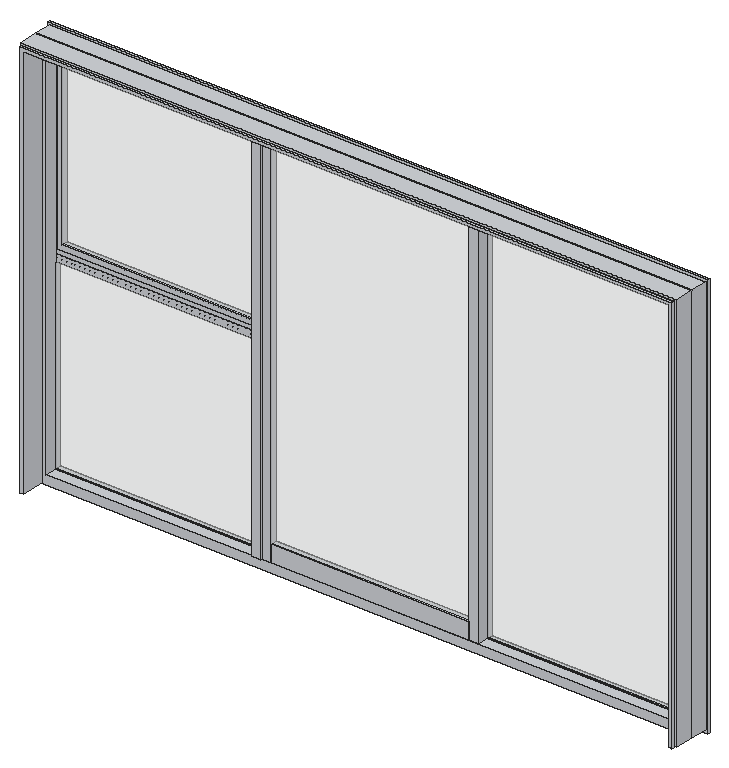
Revit family "APL Residential Thermal Heart Sliding Door FSF with Sidelight", category Doors, host Wall, Revit 2017 (continued)
Definition of nested family "APL Residential Thermal Heart Sliding Door FSF with Sidelight Horizontal Section"
  Definition of nested family "Three Panel Closer"
    Definition of nested family "65440_Closer"
      Lines and regions (mm)
        model lines, in view "Ref. Level"
          curve 550: line (82.538, 2.185, 0) -> (84.668, 1.51, 0)
          curve 551: line (84.668, 1.51, 0) -> (84.9, 1.5, 0)
          curve 552: line (85, 2.247, 0) -> (85, 5.475, 0)
          curve 553: line (85, 5.475, 0) -> (85.194, 6.25, 0)
          curve 554: line (85, 6.5, 0) -> (84.479, 6.5, 0)
          curve 555: line (84.479, 6.5, 0) -> (83.069, 5.691, 0)
          curve 556: line (82.5, 5.55, 0) -> (82.5, 7.123, 0)
          curve 557: line (82.5, 8.874, 0) -> (82.5, 10.449, 0)
          curve 558: line (83.069, 10.309, 0) -> (84.322, 9.544, 0)
          curve 559: line (84.322, 9.544, 0) -> (85, 9.5, 0)
          curve 560: line (85.194, 9.75, 0) -> (85.006, 10.475, 0)
          curve 561: line (85.006, 10.475, 0) -> (85, 13.736, 0)
          curve 562: arc (85, 13.753, 0) -> (85.026, 13.875, 0) -> (85.1, 13.976, 0) r 0.3
          curve 563: arc (70.2, 10.4, 0) -> (70.317, 10.117, 0) -> (70.6, 10, 0) r 0.4
          curve 564: arc (70.893, 10, 0) -> (70.996, 10.014, 0) -> (71.093, 10.054, 0) r 0.4
          curve 565: arc (72.621, 10.939, 0) -> (72.911, 11.059, 0) -> (73.222, 11.1, 0) r 1.2
          curve 566: arc (74.145, 11.1, 0) -> (74.718, 11.281, 0) -> (75.084, 11.758, 0) r 1
          curve 567: arc (75.877, 13.937, 0) -> (76.024, 14.128, 0) -> (76.253, 14.2, 0) r 0.4
          curve 568: arc (78.947, 14.2, 0) -> (79.176, 14.128, 0) -> (79.323, 13.937, 0) r 0.4
          curve 569: arc (80.116, 11.758, 0) -> (80.482, 11.281, 0) -> (81.055, 11.1, 0) r 1
          curve 570: arc (81.978, 11.1, 0) -> (82.289, 11.059, 0) -> (82.579, 10.939, 0) r 1.2
          curve 571: arc (84.107, 10.054, 0) -> (84.204, 10.014, 0) -> (84.307, 10, 0) r 0.4
          curve 572: arc (84.6, 10, 0) -> (84.883, 10.117, 0) -> (85, 10.4, 0) r 0.4
          curve 573: arc (85, 13.8, 0) -> (84.883, 14.083, 0) -> (84.6, 14.2, 0) r 0.4
          curve 574: arc (84.307, 14.2, 0) -> (84.204, 14.186, 0) -> (84.107, 14.146, 0) r 0.4
          curve 575: arc (82.579, 13.262, 0) -> (82.285, 13.14, 0) -> (81.97, 13.1, 0) r 1.2
          curve 576: arc (81.97, 13.1, 0) -> (81.795, 13.153, 0) -> (81.684, 13.298, 0) r 0.3
          curve 577: arc (80.796, 15.737, 0) -> (80.649, 15.928, 0) -> (80.42, 16, 0) r 0.4
          curve 578: arc (74.78, 16, 0) -> (74.551, 15.928, 0) -> (74.404, 15.737, 0) r 0.4
          curve 579: arc (73.516, 13.298, 0) -> (73.405, 13.153, 0) -> (73.23, 13.1, 0) r 0.3
          curve 580: arc (73.23, 13.1, 0) -> (72.915, 13.14, 0) -> (72.621, 13.262, 0) r 1.2
          curve 581: arc (71.093, 14.146, 0) -> (70.996, 14.186, 0) -> (70.893, 14.2, 0) r 0.4
          curve 582: arc (70.6, 14.2, 0) -> (70.317, 14.083, 0) -> (70.2, 13.8, 0) r 0.4
          curve 583: line (70.6, 10, 0) -> (70.893, 10, 0)
          curve 584: line (71.093, 10.054, 0) -> (72.621, 10.939, 0)
          curve 585: line (73.222, 11.1, 0) -> (74.145, 11.1, 0)
          curve 586: line (75.084, 11.758, 0) -> (75.877, 13.937, 0)
          curve 587: line (76.253, 14.2, 0) -> (78.947, 14.2, 0)
          curve 588: line (79.323, 13.937, 0) -> (80.116, 11.758, 0)
          curve 589: line (81.055, 11.1, 0) -> (81.978, 11.1, 0)
          curve 590: line (82.579, 10.939, 0) -> (84.107, 10.054, 0)
          curve 591: line (84.307, 10, 0) -> (84.6, 10, 0)
          curve 592: line (85, 10.4, 0) -> (85, 13.8, 0)
          curve 593: line (84.6, 14.2, 0) -> (84.307, 14.2, 0)
          curve 594: line (84.107, 14.146, 0) -> (82.579, 13.262, 0)
          curve 595: line (81.684, 13.298, 0) -> (80.796, 15.737, 0)
          curve 596: line (80.42, 16, 0) -> (74.78, 16, 0)
          curve 597: line (74.404, 15.737, 0) -> (73.516, 13.298, 0)
          curve 598: line (72.621, 13.262, 0) -> (71.093, 14.146, 0)
          curve 599: line (70.893, 14.2, 0) -> (70.6, 14.2, 0)
          curve 600: line (70.2, 13.8, 0) -> (70.2, 10.4, 0)
      Text (mm)
        text "65440" at (74.78, 42.459, 0), in view "Ref. Level"
    Definition of nested family "65575_Threshold"
      Reference planes
        plane 1 "Center (Front/Back)": y = 0
        plane 2: z = 0
        plane 3 "Center (Left/Right)": x = 0
      Lines and regions (mm)
        detail lines, in view "Ref. Level"
          curve 1: arc (0.123, 1.385, 0) -> (0.034, 1.312, 0) -> (0, 1.2, 0) r 0.2
          curve 2: arc (0, 0.2, 0) -> (0.059, 0.059, 0) -> (0.2, 0, 0) r 0.2
          curve 3: arc (1.987, -0.473, 0) -> (2.044, -0.588, 0) -> (2.019, -0.715, 0) r 0.2
          curve 4: arc (1.788, -1.112, 0) -> (1.916, -1.591, 0) -> (2.394, -1.463, 0) r 0.35
          curve 5: arc (2.779, -0.797, 0) -> (2.842, -0.484, 0) -> (2.701, -0.197, 0) r 0.497
          curve 6: arc (2.033, 0.47, 0) -> (1.979, 0.65, 0) -> (2.098, 0.796, 0) r 0.2
          curve 7: arc (41.094, 16.949, 0) -> (41.282, 16.93, 0) -> (41.37, 16.764, 0) r 0.2
          curve 8: arc (41.37, 12.481, 0) -> (41.586, 11.578, 0) -> (42.188, 10.869, 0) r 2
          curve 9: arc (42.188, 10.869, 0) -> (43.515, 8.691, 0) -> (42.924, 6.21, 0) r 3.35
          curve 10: arc (42.924, 6.21, 0) -> (43.038, 5.512, 0) -> (43.736, 5.625, 0) r 0.5
          curve 11: arc (43.736, 5.625, 0) -> (44.503, 8.847, 0) -> (42.779, 11.675, 0) r 4.35
          curve 12: arc (42.779, 11.675, 0) -> (42.478, 12.03, 0) -> (42.37, 12.481, 0) r 1
          curve 13: arc (42.37, 18.585, 0) -> (42.282, 18.751, 0) -> (42.094, 18.77, 0) r 0.2
          curve 14: line (0, 1.2, 0) -> (0, 0.2, 0)
          curve 15: line (0.2, 0, 0) -> (1.431, 0, 0)
          curve 16: line (1.573, -0.059, 0) -> (1.987, -0.473, 0)
          curve 17: line (2.019, -0.715, 0) -> (1.788, -1.112, 0)
          curve 18: line (2.394, -1.463, 0) -> (2.779, -0.797, 0)
          curve 19: line (2.701, -0.197, 0) -> (2.033, 0.47, 0)
          curve 20: line (2.098, 0.796, 0) -> (41.094, 16.949, 0)
          curve 21: line (41.37, 16.764, 0) -> (41.37, 12.481, 0)
          curve 22: line (42.37, 12.481, 0) -> (42.37, 18.585, 0)
          curve 23: line (42.094, 18.77, 0) -> (0.123, 1.385, 0)
      Text (mm)
        text "65575" at (6.848, 22.344, 0), in view "Ref. Level"
    Definition of nested family "65656_Infill"
      Reference planes
        plane 1 "Center (Front/Back)": y = 0
        plane 2: z = 0
        plane 3 "Center (Left/Right)": x = 0
      Lines and regions (mm)
        model lines, in view "Ref. Level"
          curve 1: arc (33.343, 0, 0) -> (33.487, -0.061, 0) -> (33.543, -0.207, 0) r 0.2
          curve 2: arc (33.336, -6.121, 0) -> (32.512, -6.899, 0) -> (31.737, -6.072, 0) r 0.8
          curve 3: arc (31.875, -2.117, 0) -> (31.735, -1.753, 0) -> (31.375, -1.6, 0) r 0.5
          curve 4: arc (-31.375, -1.6, 0) -> (-31.735, -1.753, 0) -> (-31.875, -2.117, 0) r 0.5
          curve 5: arc (-31.737, -6.072, 0) -> (-32.509, -6.899, 0) -> (-33.336, -6.128, 0) r 0.8
          curve 6: arc (-33.543, -0.207, 0) -> (-33.487, -0.061, 0) -> (-33.343, 0, 0) r 0.2
          curve 7: line (33.543, -0.207, 0) -> (33.336, -6.121, 0)
          curve 8: line (31.737, -6.072, 0) -> (31.875, -2.117, 0)
          curve 9: line (31.375, -1.6, 0) -> (-31.375, -1.6, 0)
          curve 10: line (-31.875, -2.117, 0) -> (-31.737, -6.072, 0)
          curve 11: line (-33.336, -6.128, 0) -> (-33.543, -0.207, 0)
          curve 12: line (-33.343, 0, 0) -> (33.343, 0, 0)
      Text (mm)
        text "65656" at (7.421, 15.177, 0), in view "Ref. Level"
    Definition of nested family "65520_Lock Stile"
      Reference planes
        plane 1 "Center (Front/Back)": y = 0
        plane 2: z = 0
        plane 3 "Center (Left/Right)": x = 0
      Lines and regions (mm)
        model lines, in view "Ref. Level"
          curve 1: arc (64.617, -36.001, 0) -> (64.992, -35.626, 0) -> (64.617, -35.251, 0) r 0.375
          curve 2: arc (64.242, -32, 0) -> (64.184, -31.859, 0) -> (64.042, -31.8, 0) r 0.2
          curve 3: arc (62.612, -31.8, 0) -> (62.471, -31.859, 0) -> (62.412, -32, 0) r 0.2
          curve 4: arc (62.412, -32.6, 0) -> (62.471, -32.741, 0) -> (62.612, -32.8, 0) r 0.2
          curve 5: arc (62.962, -32.8, 0) -> (63.104, -32.859, 0) -> (63.162, -33, 0) r 0.2
          curve 6: arc (63.162, -33.6, 0) -> (63.104, -33.741, 0) -> (62.962, -33.8, 0) r 0.2
          curve 7: arc (62.612, -33.8, 0) -> (62.471, -33.859, 0) -> (62.412, -34, 0) r 0.2
          curve 8: arc (62.412, -34.301, 0) -> (62.266, -34.655, 0) -> (61.912, -34.801, 0) r 0.5
          curve 9: arc (60.912, -34.801, 0) -> (60.559, -34.655, 0) -> (60.412, -34.301, 0) r 0.5
          curve 10: arc (60.412, -34, 0) -> (60.354, -33.859, 0) -> (60.212, -33.8, 0) r 0.2
          curve 11: arc (59.862, -33.8, 0) -> (59.721, -33.741, 0) -> (59.662, -33.6, 0) r 0.2
          curve 12: arc (59.662, -33, 0) -> (59.721, -32.859, 0) -> (59.862, -32.8, 0) r 0.2
          curve 13: arc (60.212, -32.8, 0) -> (60.354, -32.741, 0) -> (60.412, -32.6, 0) r 0.2
          curve 14: arc (60.412, -32, 0) -> (60.354, -31.859, 0) -> (60.212, -31.8, 0) r 0.2
          curve 15: arc (57.112, -31.8, 0) -> (56.971, -31.859, 0) -> (56.912, -32, 0) r 0.2
          curve 16: arc (56.912, -32.6, 0) -> (56.971, -32.741, 0) -> (57.112, -32.8, 0) r 0.2
          curve 17: arc (57.862, -32.8, 0) -> (58.216, -32.946, 0) -> (58.362, -33.3, 0) r 0.5
          curve 18: arc (58.362, -33.701, 0) -> (58.216, -34.054, 0) -> (57.862, -34.201, 0) r 0.5
          curve 19: arc (45.74, -34.2, 0) -> (45.386, -34.054, 0) -> (45.24, -33.7, 0) r 0.5
          curve 20: arc (45.24, -31.883, 0) -> (45.041, -31.578, 0) -> (45.283, -31.305, 0) r 0.3
          curve 21: arc (45.283, -31.305, 0) -> (45.421, -31.239, 0) -> (45.508, -31.113, 0) r 0.3
          curve 22: arc (46.022, -29.703, 0) -> (45.978, -29.417, 0) -> (45.714, -29.301, 0) r 0.3
          curve 23: arc (43.348, -29.508, 0) -> (43.248, -29.535, 0) -> (43.162, -29.595, 0) r 0.3
          curve 24: arc (42.799, -29.959, 0) -> (42.747, -30.152, 0) -> (42.888, -30.293, 0) r 0.2
          curve 25: arc (43.056, -30.338, 0) -> (43.145, -30.39, 0) -> (43.197, -30.479, 0) r 0.2
          curve 26: arc (43.74, -32.7, 0) -> (43.547, -32.98, 0) -> (43.216, -32.9, 0) r 0.3
          curve 27: arc (43.216, -32.9, 0) -> (43.115, -32.826, 0) -> (42.993, -32.8, 0) r 0.3
          curve 28: arc (38.99, -32.994, 0) -> (38.818, -32.958, 0) -> (38.74, -32.8, 0) r 0.2
          curve 29: arc (38.74, -32.279, 0) -> (38.751, -32.198, 0) -> (38.784, -32.122, 0) r 0.3
          curve 30: arc (39.549, -30.869, 0) -> (39.719, -30.872, 0) -> (39.851, -30.766, 0) r 0.25
          curve 31: arc (39.903, -30.68, 0) -> (39.908, -30.428, 0) -> (39.69, -30.3, 0) r 0.25
          curve 32: arc (37.951, -30.3, 0) -> (37.706, -30.364, 0) -> (37.524, -30.539, 0) r 0.5
          curve 33: arc (36.913, -31.54, 0) -> (36.859, -31.666, 0) -> (36.84, -31.801, 0) r 0.5
          curve 34: arc (36.84, -33.597, 0) -> (36.695, -33.952, 0) -> (36.34, -34.099, 0) r 0.5
          curve 35: arc (8.6, -34.099, 0) -> (8.459, -34.04, 0) -> (8.4, -33.899, 0) r 0.2
          curve 36: arc (8.4, -32.953, 0) -> (8.382, -32.817, 0) -> (8.327, -32.69, 0) r 0.5
          curve 37: arc (7.716, -31.689, 0) -> (7.534, -31.514, 0) -> (7.289, -31.45, 0) r 0.5
          curve 38: arc (5.55, -31.45, 0) -> (5.332, -31.577, 0) -> (5.337, -31.83, 0) r 0.25
          curve 39: arc (5.389, -31.916, 0) -> (5.521, -32.022, 0) -> (5.691, -32.019, 0) r 0.25
          curve 40: arc (6.456, -33.272, 0) -> (6.489, -33.348, 0) -> (6.5, -33.429, 0) r 0.3
          curve 41: arc (6.5, -33.95, 0) -> (6.422, -34.108, 0) -> (6.25, -34.144, 0) r 0.2
          curve 42: arc (2.247, -33.95, 0) -> (2.125, -33.976, 0) -> (2.024, -34.05, 0) r 0.3
          curve 43: arc (2.024, -34.05, 0) -> (1.693, -34.13, 0) -> (1.5, -33.85, 0) r 0.3
          curve 44: arc (2.043, -31.629, 0) -> (2.095, -31.54, 0) -> (2.184, -31.488, 0) r 0.2
          curve 45: arc (2.352, -31.443, 0) -> (2.493, -31.302, 0) -> (2.441, -31.109, 0) r 0.2
          curve 46: arc (2.078, -30.745, 0) -> (1.992, -30.685, 0) -> (1.892, -30.658, 0) r 0.3
          curve 47: arc (-0.474, -30.451, 0) -> (-0.738, -30.567, 0) -> (-0.782, -30.853, 0) r 0.3
          curve 48: arc (-0.268, -32.263, 0) -> (-0.181, -32.389, 0) -> (-0.043, -32.455, 0) r 0.3
          curve 49: arc (-0.043, -32.455, 0) -> (0.199, -32.728, 0) -> (0, -33.033, 0) r 0.3
          curve 50: arc (-3.076, -33.033, 0) -> (-3.524, -33.31, 0) -> (-3.475, -33.834, 0) r 0.5
          curve 51: arc (-3.475, -33.834, 0) -> (-2.783, -34.469, 0) -> (-1.91, -34.817, 0) r 2.6
          curve 52: line (4.258, -36.001, 0) -> (64.617, -36.001, 0)
          curve 53: line (64.617, -35.251, 0) -> (64.242, -35.251, 0)
          curve 54: line (64.242, -35.251, 0) -> (64.242, -32, 0)
          curve 55: line (64.042, -31.8, 0) -> (62.612, -31.8, 0)
          curve 56: line (62.412, -32, 0) -> (62.412, -32.6, 0)
          curve 57: line (62.612, -32.8, 0) -> (62.962, -32.8, 0)
          curve 58: line (63.162, -33, 0) -> (63.162, -33.6, 0)
          curve 59: line (62.962, -33.8, 0) -> (62.612, -33.8, 0)
          curve 60: line (62.412, -34, 0) -> (62.412, -34.301, 0)
          curve 61: line (61.912, -34.801, 0) -> (60.912, -34.801, 0)
          curve 62: line (60.412, -34.301, 0) -> (60.412, -34, 0)
          curve 63: line (60.212, -33.8, 0) -> (59.862, -33.8, 0)
          curve 64: line (59.662, -33.6, 0) -> (59.662, -33, 0)
          curve 65: line (59.862, -32.8, 0) -> (60.212, -32.8, 0)
          curve 66: line (60.412, -32.6, 0) -> (60.412, -32, 0)
          curve 67: line (60.212, -31.8, 0) -> (57.112, -31.8, 0)
          curve 68: line (56.912, -32, 0) -> (56.912, -32.6, 0)
          curve 69: line (57.112, -32.8, 0) -> (57.862, -32.8, 0)
          curve 70: line (58.362, -33.3, 0) -> (58.362, -33.701, 0)
          curve 71: line (57.862, -34.201, 0) -> (45.74, -34.201, 0)
          curve 72: line (45.24, -33.7, 0) -> (45.24, -31.883, 0)
          curve 73: line (45.508, -31.113, 0) -> (46.022, -29.703, 0)
          curve 74: line (45.714, -29.301, 0) -> (43.348, -29.508, 0)
          curve 75: line (43.162, -29.595, 0) -> (42.799, -29.959, 0)
          curve 76: line (42.888, -30.293, 0) -> (43.056, -30.338, 0)
          curve 77: line (43.056, -30.338, 0) -> (43.73, -32.468, 0)
          curve 78: line (43.73, -32.468, 0) -> (43.74, -32.7, 0)
          curve 79: line (42.993, -32.8, 0) -> (39.765, -32.8, 0)
          curve 80: line (39.765, -32.8, 0) -> (38.99, -32.994, 0)
          curve 81: line (38.74, -32.8, 0) -> (38.74, -32.279, 0)
          curve 82: line (38.74, -32.279, 0) -> (39.549, -30.869, 0)
          curve 83: line (39.69, -30.3, 0) -> (37.951, -30.3, 0)
          curve 84: line (37.524, -30.539, 0) -> (36.913, -31.54, 0)
          curve 85: line (36.84, -31.801, 0) -> (36.84, -33.597, 0)
          curve 86: line (36.34, -34.099, 0) -> (8.6, -34.099, 0)
          curve 87: line (8.4, -33.899, 0) -> (8.4, -32.953, 0)
          curve 88: line (8.327, -32.69, 0) -> (7.716, -31.689, 0)
          curve 89: line (7.289, -31.45, 0) -> (5.55, -31.45, 0)
          curve 90: line (5.691, -32.019, 0) -> (6.456, -33.272, 0)
          curve 91: line (6.456, -33.272, 0) -> (6.5, -33.95, 0)
          curve 92: line (6.25, -34.144, 0) -> (5.5, -33.95, 0)
          curve 93: line (5.525, -33.956, 0) -> (2.247, -33.95, 0)
          curve 94: line (1.5, -33.696, 0) -> (2.043, -31.629, 0)
          curve 95: line (2.043, -31.629, 0) -> (2.352, -31.443, 0)
          curve 96: line (2.441, -31.109, 0) -> (2.078, -30.745, 0)
          curve 97: line (1.892, -30.658, 0) -> (-0.474, -30.451, 0)
          curve 98: line (-0.782, -30.853, 0) -> (-0.268, -32.263, 0)
          curve 99: line (0, -33.033, 0) -> (-3.076, -33.033, 0)
          curve 100: line (-1.91, -34.817, 0) -> (3.748, -35.948, 0)
          curve 101: arc (3.748, -35.948, 0) -> (4.002, -35.986, 0) -> (4.258, -36.001, 0) r 2.937
          curve 102: arc (61.061, -2.052, 0) -> (61.027, -1.878, 0) -> (60.868, -1.8, 0) r 0.2
          curve 103: arc (39.24, -1.8, 0) -> (38.887, -1.946, 0) -> (38.74, -2.3, 0) r 0.5
          curve 104: arc (38.74, -15.6, 0) -> (38.884, -15.956, 0) -> (39.24, -16.1, 0) r 0.491
          curve 105: arc (44.74, -16.1, 0) -> (45.093, -16.247, 0) -> (45.24, -16.6, 0) r 0.502
          curve 106: arc (45.24, -18.917, 0) -> (45.041, -19.222, 0) -> (45.283, -19.495, 0) r 0.3
          curve 107: arc (45.283, -19.495, 0) -> (45.421, -19.561, 0) -> (45.508, -19.687, 0) r 0.3
          curve 108: arc (46.022, -21.097, 0) -> (45.978, -21.383, 0) -> (45.714, -21.499, 0) r 0.3
          curve 109: arc (43.348, -21.292, 0) -> (43.248, -21.265, 0) -> (43.162, -21.205, 0) r 0.3
          curve 110: arc (42.799, -20.841, 0) -> (42.747, -20.648, 0) -> (42.888, -20.507, 0) r 0.2
          curve 111: arc (43.056, -20.462, 0) -> (43.145, -20.41, 0) -> (43.197, -20.321, 0) r 0.2
          curve 112: arc (43.74, -18.1, 0) -> (43.547, -17.82, 0) -> (43.216, -17.9, 0) r 0.3
          curve 113: arc (43.216, -17.9, 0) -> (43.115, -17.974, 0) -> (42.993, -18, 0) r 0.3
          curve 114: arc (38.99, -17.806, 0) -> (38.818, -17.842, 0) -> (38.74, -18, 0) r 0.2
          curve 115: arc (38.74, -18.521, 0) -> (38.751, -18.602, 0) -> (38.784, -18.677, 0) r 0.3
          curve 116: arc (39.549, -19.931, 0) -> (39.719, -19.928, 0) -> (39.851, -20.034, 0) r 0.25
          curve 117: arc (39.903, -20.12, 0) -> (39.908, -20.372, 0) -> (39.69, -20.5, 0) r 0.25
          curve 118: arc (37.951, -20.5, 0) -> (37.706, -20.436, 0) -> (37.524, -20.26, 0) r 0.5
          curve 119: arc (36.993, -19.389, 0) -> (36.81, -19.214, 0) -> (36.566, -19.15, 0) r 0.5
          curve 120: arc (8.901, -19.15, 0) -> (8.547, -19.296, 0) -> (8.4, -19.65, 0) r 0.5
          curve 121: arc (8.4, -20.148, 0) -> (8.382, -20.284, 0) -> (8.327, -20.41, 0) r 0.5
          curve 122: arc (7.716, -21.41, 0) -> (7.534, -21.586, 0) -> (7.289, -21.65, 0) r 0.5
          curve 123: arc (5.55, -21.65, 0) -> (5.332, -21.523, 0) -> (5.337, -21.27, 0) r 0.25
          curve 124: arc (5.389, -21.184, 0) -> (5.521, -21.078, 0) -> (5.691, -21.081, 0) r 0.25
          curve 125: arc (6.456, -19.827, 0) -> (6.489, -19.752, 0) -> (6.5, -19.671, 0) r 0.3
          curve 126: arc (6.5, -19.15, 0) -> (6.422, -18.992, 0) -> (6.25, -18.956, 0) r 0.2
          curve 127: arc (2.247, -19.15, 0) -> (2.125, -19.124, 0) -> (2.024, -19.05, 0) r 0.3
          curve 128: arc (2.024, -19.05, 0) -> (1.693, -18.97, 0) -> (1.5, -19.25, 0) r 0.3
          curve 129: arc (2.043, -21.471, 0) -> (2.095, -21.56, 0) -> (2.184, -21.612, 0) r 0.2
          curve 130: arc (2.352, -21.657, 0) -> (2.493, -21.798, 0) -> (2.441, -21.991, 0) r 0.2
          curve 131: arc (2.078, -22.355, 0) -> (1.992, -22.415, 0) -> (1.892, -22.442, 0) r 0.3
          curve 132: arc (-0.474, -22.649, 0) -> (-0.738, -22.533, 0) -> (-0.782, -22.247, 0) r 0.3
          curve 133: arc (-0.268, -20.837, 0) -> (-0.181, -20.711, 0) -> (-0.043, -20.645, 0) r 0.3
          curve 134: arc (-0.043, -20.645, 0) -> (0.199, -20.372, 0) -> (0, -20.067, 0) r 0.3
          curve 135: arc (0, -3.465, 0) -> (-0.147, -3.113, 0) -> (-0.5, -2.965, 0) r 0.503
          curve 136: arc (-3.076, -2.965, 0) -> (-3.524, -2.688, 0) -> (-3.475, -2.164, 0) r 0.5
          curve 137: arc (-3.475, -2.164, 0) -> (-2.783, -1.529, 0) -> (-1.91, -1.181, 0) r 2.6
          curve 138: arc (3.754, -0.049, 0) -> (3.998, -0.012, 0) -> (4.244, 0, 0) r 2.5
          curve 139: arc (64.615, 0, 0) -> (64.99, -0.375, 0) -> (64.615, -0.75, 0) r 0.375
          curve 140: arc (64.245, -1.9, 0) -> (64.186, -2.041, 0) -> (64.045, -2.1, 0) r 0.201
          curve 141: arc (63.202, -3.365, 0) -> (63.156, -3.493, 0) -> (63.037, -3.562, 0) r 0.2
          curve 142: arc (60.853, -3.8, 0) -> (60.694, -3.722, 0) -> (60.66, -3.548, 0) r 0.2
          curve 143: arc (2.401, -17.25, 0) -> (2.047, -17.104, 0) -> (1.9, -16.75, 0) r 0.501
          curve 144: arc (1.9, -2.767, 0) -> (2.013, -2.45, 0) -> (2.302, -2.276, 0) r 0.5
          curve 145: arc (36.438, -1.91, 0) -> (36.727, -2.083, 0) -> (36.84, -2.4, 0) r 0.5
          curve 146: line (60.66, -3.548, 0) -> (61.061, -2.052, 0)
          curve 147: line (60.868, -1.8, 0) -> (39.24, -1.8, 0)
          curve 148: line (38.74, -2.3, 0) -> (38.74, -15.6, 0)
          curve 149: line (39.24, -16.1, 0) -> (44.74, -16.1, 0)
          curve 150: line (45.24, -16.6, 0) -> (45.24, -18.917, 0)
          curve 151: line (45.508, -19.687, 0) -> (46.022, -21.097, 0)
          curve 152: line (45.714, -21.499, 0) -> (43.348, -21.292, 0)
          curve 153: line (43.162, -21.205, 0) -> (42.799, -20.841, 0)
          curve 154: line (42.888, -20.507, 0) -> (43.056, -20.462, 0)
          curve 155: line (43.056, -20.462, 0) -> (43.73, -18.332, 0)
          curve 156: line (43.73, -18.332, 0) -> (43.74, -18.1, 0)
          curve 157: line (42.993, -18, 0) -> (39.765, -18, 0)
          curve 158: line (39.765, -18, 0) -> (38.99, -17.806, 0)
          curve 159: line (38.74, -18, 0) -> (38.74, -18.521, 0)
          curve 160: line (38.74, -18.521, 0) -> (39.549, -19.931, 0)
          curve 161: line (39.69, -20.5, 0) -> (37.951, -20.5, 0)
          curve 162: line (37.524, -20.26, 0) -> (36.993, -19.389, 0)
          curve 163: line (36.566, -19.15, 0) -> (8.901, -19.15, 0)
          curve 164: line (8.4, -19.65, 0) -> (8.4, -20.148, 0)
          curve 165: line (8.327, -20.41, 0) -> (7.716, -21.41, 0)
          curve 166: line (7.289, -21.65, 0) -> (5.55, -21.65, 0)
          curve 167: line (5.691, -21.081, 0) -> (6.456, -19.827, 0)
          curve 168: line (6.456, -19.827, 0) -> (6.5, -19.15, 0)
          curve 169: line (6.25, -18.956, 0) -> (5.5, -19.15, 0)
          curve 170: line (5.525, -19.144, 0) -> (2.247, -19.15, 0)
          curve 171: line (1.5, -19.404, 0) -> (2.043, -21.471, 0)
          curve 172: line (2.043, -21.471, 0) -> (2.352, -21.657, 0)
          curve 173: line (2.441, -21.991, 0) -> (2.078, -22.355, 0)
          curve 174: line (1.892, -22.442, 0) -> (-0.474, -22.649, 0)
          curve 175: line (-0.782, -22.247, 0) -> (-0.268, -20.837, 0)
          curve 176: line (0, -20.067, 0) -> (0, -12.5, 0)
          curve 177: line (0, -12.5, 0) -> (0.4, -12.1, 0)
          curve 178: line (0.4, -12.1, 0) -> (0, -11.7, 0)
          curve 179: line (0, -11.7, 0) -> (0, -3.465, 0)
          curve 180: line (-0.5, -2.965, 0) -> (-3.076, -2.965, 0)
          curve 181: line (-1.91, -1.181, 0) -> (3.754, -0.049, 0)
          curve 182: line (4.244, 0, 0) -> (64.615, 0, 0)
          curve 183: line (64.615, -0.75, 0) -> (64.245, -0.75, 0)
          curve 184: line (64.245, -0.75, 0) -> (64.245, -1.9, 0)
          curve 185: line (64.045, -2.1, 0) -> (63.202, -2.1, 0)
          curve 186: line (63.202, -2.1, 0) -> (63.202, -3.365, 0)
          curve 187: line (63.037, -3.562, 0) -> (61.684, -3.8, 0)
          curve 188: line (61.684, -3.8, 0) -> (60.853, -3.8, 0)
          curve 189: line (36.34, -17.25, 0) -> (2.401, -17.25, 0)
          curve 190: line (1.9, -16.75, 0) -> (1.9, -2.767, 0)
          curve 191: line (2.302, -2.276, 0) -> (4.137, -1.91, 0)
          curve 192: line (4.137, -1.91, 0) -> (36.438, -1.91, 0)
          curve 193: line (36.84, -2.4, 0) -> (36.84, -16.75, 0)
          curve 194: arc (36.84, -16.75, 0) -> (36.695, -17.105, 0) -> (36.34, -17.25, 0) r 0.496
          curve 195: arc (5.6, -33.95, 0) -> (5.883, -33.833, 0) -> (6, -33.55, 0) r 0.4
          curve 196: arc (6, -33.257, 0) -> (5.986, -33.154, 0) -> (5.946, -33.057, 0) r 0.4
          curve 197: arc (5.061, -31.529, 0) -> (4.941, -31.239, 0) -> (4.9, -30.928, 0) r 1.2
          curve 198: arc (4.9, -30.005, 0) -> (4.719, -29.432, 0) -> (4.242, -29.066, 0) r 1
          curve 199: arc (2.063, -28.273, 0) -> (1.872, -28.126, 0) -> (1.8, -27.897, 0) r 0.4
          curve 200: arc (1.8, -25.203, 0) -> (1.872, -24.974, 0) -> (2.063, -24.827, 0) r 0.4
          curve 201: arc (4.242, -24.034, 0) -> (4.719, -23.668, 0) -> (4.9, -23.095, 0) r 1
          curve 202: arc (4.9, -22.172, 0) -> (4.941, -21.861, 0) -> (5.061, -21.571, 0) r 1.2
          curve 203: arc (5.946, -20.043, 0) -> (5.986, -19.946, 0) -> (6, -19.843, 0) r 0.4
          curve 204: arc (6, -19.55, 0) -> (5.883, -19.267, 0) -> (5.6, -19.15, 0) r 0.4
          curve 205: arc (2.2, -19.15, 0) -> (1.917, -19.267, 0) -> (1.8, -19.55, 0) r 0.4
          curve 206: arc (1.8, -19.843, 0) -> (1.814, -19.946, 0) -> (1.854, -20.043, 0) r 0.4
          curve 207: arc (2.739, -21.571, 0) -> (2.86, -21.865, 0) -> (2.9, -22.18, 0) r 1.2
          curve 208: arc (2.9, -22.18, 0) -> (2.847, -22.355, 0) -> (2.703, -22.466, 0) r 0.3
          curve 209: arc (0.263, -23.354, 0) -> (0.072, -23.501, 0) -> (0, -23.73, 0) r 0.4
          curve 210: arc (0, -29.37, 0) -> (0.072, -29.599, 0) -> (0.263, -29.746, 0) r 0.4
          curve 211: arc (2.703, -30.634, 0) -> (2.847, -30.745, 0) -> (2.9, -30.92, 0) r 0.3
          curve 212: arc (2.9, -30.92, 0) -> (2.86, -31.235, 0) -> (2.739, -31.529, 0) r 1.2
          curve 213: arc (1.854, -33.057, 0) -> (1.814, -33.154, 0) -> (1.8, -33.257, 0) r 0.4
          curve 214: arc (1.8, -33.55, 0) -> (1.917, -33.833, 0) -> (2.2, -33.95, 0) r 0.4
          curve 215: line (6, -33.55, 0) -> (6, -33.257, 0)
          curve 216: line (5.946, -33.057, 0) -> (5.061, -31.529, 0)
          curve 217: line (4.9, -30.928, 0) -> (4.9, -30.005, 0)
          curve 218: line (4.242, -29.066, 0) -> (2.063, -28.273, 0)
          curve 219: line (1.8, -27.897, 0) -> (1.8, -25.203, 0)
          curve 220: line (2.063, -24.827, 0) -> (4.242, -24.034, 0)
          curve 221: line (4.9, -23.095, 0) -> (4.9, -22.172, 0)
          curve 222: line (5.061, -21.571, 0) -> (5.946, -20.043, 0)
          curve 223: line (6, -19.843, 0) -> (6, -19.55, 0)
          curve 224: line (5.6, -19.15, 0) -> (2.2, -19.15, 0)
          curve 225: line (1.8, -19.55, 0) -> (1.8, -19.843, 0)
          curve 226: line (1.854, -20.043, 0) -> (2.739, -21.571, 0)
          curve 227: line (2.703, -22.466, 0) -> (0.263, -23.354, 0)
          curve 228: line (0, -23.73, 0) -> (0, -29.37, 0)
          curve 229: line (0.263, -29.746, 0) -> (2.703, -30.634, 0)
          curve 230: line (2.739, -31.529, 0) -> (1.854, -33.057, 0)
          curve 231: line (1.8, -33.257, 0) -> (1.8, -33.55, 0)
          curve 232: line (2.2, -33.95, 0) -> (5.6, -33.95, 0)
          curve 233: arc (39.64, -32.8, 0) -> (39.357, -32.683, 0) -> (39.24, -32.4, 0) r 0.4
          curve 234: arc (39.24, -32.107, 0) -> (39.254, -32.004, 0) -> (39.294, -31.907, 0) r 0.4
          curve 235: arc (40.179, -30.379, 0) -> (40.299, -30.089, 0) -> (40.34, -29.778, 0) r 1.2
          curve 236: arc (40.34, -28.855, 0) -> (40.521, -28.282, 0) -> (40.998, -27.916, 0) r 1
          curve 237: arc (43.177, -27.123, 0) -> (43.368, -26.976, 0) -> (43.44, -26.747, 0) r 0.4
          curve 238: arc (43.44, -24.053, 0) -> (43.368, -23.824, 0) -> (43.177, -23.677, 0) r 0.4
          curve 239: arc (40.998, -22.884, 0) -> (40.521, -22.518, 0) -> (40.34, -21.945, 0) r 1
          curve 240: arc (40.34, -21.022, 0) -> (40.299, -20.711, 0) -> (40.179, -20.421, 0) r 1.2
          curve 241: arc (39.294, -18.893, 0) -> (39.254, -18.796, 0) -> (39.24, -18.693, 0) r 0.4
          curve 242: arc (39.24, -18.4, 0) -> (39.357, -18.117, 0) -> (39.64, -18, 0) r 0.4
          curve 243: arc (43.04, -18, 0) -> (43.323, -18.117, 0) -> (43.44, -18.4, 0) r 0.4
          curve 244: arc (43.44, -18.693, 0) -> (43.426, -18.796, 0) -> (43.386, -18.893, 0) r 0.4
          curve 245: arc (42.501, -20.421, 0) -> (42.38, -20.715, 0) -> (42.34, -21.03, 0) r 1.2
          curve 246: arc (42.34, -21.03, 0) -> (42.393, -21.205, 0) -> (42.537, -21.316, 0) r 0.3
          curve 247: arc (44.977, -22.204, 0) -> (45.168, -22.351, 0) -> (45.24, -22.58, 0) r 0.4
          curve 248: arc (45.24, -28.22, 0) -> (45.168, -28.449, 0) -> (44.977, -28.596, 0) r 0.4
          curve 249: arc (42.537, -29.484, 0) -> (42.393, -29.595, 0) -> (42.34, -29.77, 0) r 0.3
          curve 250: arc (42.34, -29.77, 0) -> (42.38, -30.085, 0) -> (42.501, -30.379, 0) r 1.2
          curve 251: arc (43.386, -31.907, 0) -> (43.426, -32.004, 0) -> (43.44, -32.107, 0) r 0.4
          curve 252: arc (43.44, -32.4, 0) -> (43.323, -32.683, 0) -> (43.04, -32.8, 0) r 0.4
          curve 253: line (39.24, -32.4, 0) -> (39.24, -32.107, 0)
          curve 254: line (39.294, -31.907, 0) -> (40.179, -30.379, 0)
          curve 255: line (40.34, -29.778, 0) -> (40.34, -28.855, 0)
          curve 256: line (40.998, -27.916, 0) -> (43.177, -27.123, 0)
          curve 257: line (43.44, -26.747, 0) -> (43.44, -24.053, 0)
          curve 258: line (43.177, -23.677, 0) -> (40.998, -22.884, 0)
          curve 259: line (40.34, -21.945, 0) -> (40.34, -21.022, 0)
          curve 260: line (40.179, -20.421, 0) -> (39.294, -18.893, 0)
          curve 261: line (39.24, -18.693, 0) -> (39.24, -18.4, 0)
          curve 262: line (39.64, -18, 0) -> (43.04, -18, 0)
          curve 263: line (43.44, -18.4, 0) -> (43.44, -18.693, 0)
          curve 264: line (43.386, -18.893, 0) -> (42.501, -20.421, 0)
          curve 265: line (42.537, -21.316, 0) -> (44.977, -22.204, 0)
          curve 266: line (45.24, -22.58, 0) -> (45.24, -28.22, 0)
          curve 267: line (44.977, -28.596, 0) -> (42.537, -29.484, 0)
          curve 268: line (42.501, -30.379, 0) -> (43.386, -31.907, 0)
          curve 269: line (43.44, -32.107, 0) -> (43.44, -32.4, 0)
          curve 270: line (43.04, -32.8, 0) -> (39.64, -32.8, 0)
      Text (mm)
        text "65520" at (24.172, 14.221, 0), in view "Ref. Level"
  Definition of nested family "Glazing Bead"
    Parameters (values of type "Glazing Bead")
      Glass Lenght [instance] = 50 mm
    Reference planes
      plane 1 "Center (Front/Back)": y = 0
      plane 2: z = 0
      plane 3 "Center (Left/Right)": x = 0
      plane 4: y = -50
    Lines and regions (mm)
      Filled region 1, type "Solid Fill - Black", in view "Ref. Level"
        outline origin (0, 0, 0) x (1, 0, 0) y (0, 1, 0)
          loop
            line (4, 0) -> (4, -12) -> (20, -12) -> (20, 0) -> (4, 0)
      model lines, in view "Ref. Level"
        curve 1: line (4, -12, 0) -> (20, -12, 0)
        curve 2: line (0, -50, 0) -> (0, 0, 0)
        curve 3: line (0, 0, 0) -> (24, 0, 0)
        curve 4: line (24, 0, 0) -> (24, -50, 0)
        curve 5: line (20, 0, 0) -> (20, -50, 0)
        curve 6: line (4, 0, 0) -> (4, -50, 0)
      detail lines, in view "Ref. Level"
        curve 7: arc (-0.25, -4.9, 0) -> (0, -5.15, 0) -> (-0.25, -5.4, 0) r 0.25
        curve 8: arc (-0.25, -8.45, 0) -> (0, -8.7, 0) -> (-0.25, -8.95, 0) r 0.25
        curve 9: arc (-0.25, -9.619, 0) -> (0, -9.869, 0) -> (-0.25, -10.119, 0) r 0.25
        curve 10: arc (-0.25, -10.787, 0) -> (0, -11.037, 0) -> (-0.25, -11.287, 0) r 0.25
        curve 11: line (-0.25, -12.456, 0) -> (-1, -12.456, 0)
        curve 12: line (-1, -12.456, 0) -> (-1, -8.45, 0)
        curve 13: line (-1, -8.45, 0) -> (-2.2, -8.45, 0)
        curve 14: line (-2.2, -8.45, 0) -> (-2.2, -9.2, 0)
        curve 15: line (-2.2, -9.2, 0) -> (-2.8, -9.2, 0)
        curve 16: line (-2.8, -9.2, 0) -> (-2.8, -6.1, 0)
        curve 17: line (-2.8, -6.1, 0) -> (-2.2, -6.1, 0)
        curve 18: line (-2.2, -6.1, 0) -> (-2.2, -6.85, 0)
        curve 19: line (-2.2, -6.85, 0) -> (-1, -6.85, 0)
        curve 20: line (-1, -6.85, 0) -> (-1, -4.9, 0)
        curve 21: line (-1, -4.9, 0) -> (-0.25, -4.9, 0)
        curve 22: line (-0.25, -5.4, 0) -> (-0.25, -8.45, 0)
        curve 23: line (-0.25, -8.95, 0) -> (-0.25, -9.619, 0)
        curve 24: line (-0.25, -10.119, 0) -> (-0.25, -10.787, 0)
        curve 25: line (-0.25, -11.287, 0) -> (-0.25, -11.956, 0)
        curve 26: arc (-0.25, -11.956, 0) -> (0, -12.206, 0) -> (-0.25, -12.456, 0) r 0.25
      detail lines, in view "Ref. Level", not visible
        curve 27: arc (-0.25, -4.9, 0) -> (0, -5.15, 0) -> (-0.25, -5.4, 0) r 0.25
        curve 28: arc (-0.25, -8.45, 0) -> (0, -8.7, 0) -> (-0.25, -8.95, 0) r 0.25
        curve 29: arc (-0.25, -9.619, 0) -> (0, -9.869, 0) -> (-0.25, -10.119, 0) r 0.25
        curve 30: arc (-0.25, -10.787, 0) -> (0, -11.037, 0) -> (-0.25, -11.287, 0) r 0.25
        curve 31: line (-0.25, -12.456, 0) -> (-1, -12.456, 0)
        curve 32: line (-1, -12.456, 0) -> (-1, -8.45, 0)
        curve 33: line (-1, -8.45, 0) -> (-2.2, -8.45, 0)
        curve 34: line (-2.2, -8.45, 0) -> (-2.2, -9.2, 0)
        curve 35: line (-2.2, -9.2, 0) -> (-2.8, -9.2, 0)
        curve 36: line (-2.8, -9.2, 0) -> (-2.8, -6.1, 0)
        curve 37: line (-2.8, -6.1, 0) -> (-2.2, -6.1, 0)
        curve 38: line (-2.2, -6.1, 0) -> (-2.2, -6.85, 0)
        curve 39: line (-2.2, -6.85, 0) -> (-1, -6.85, 0)
        curve 40: line (-1, -6.85, 0) -> (-1, -4.9, 0)
        curve 41: line (-1, -4.9, 0) -> (-0.25, -4.9, 0)
        curve 42: line (-0.25, -5.4, 0) -> (-0.25, -8.45, 0)
        curve 43: line (-0.25, -8.95, 0) -> (-0.25, -9.619, 0)
        curve 44: line (-0.25, -10.119, 0) -> (-0.25, -10.787, 0)
        curve 45: line (-0.25, -11.287, 0) -> (-0.25, -11.956, 0)
        curve 46: arc (-0.25, -11.956, 0) -> (0, -12.206, 0) -> (-0.25, -12.456, 0) r 0.25
        curve 47: arc (62.983, -3.041, 0) -> (62.673, -2.901, 0) -> (62.511, -3.2, 0) r 0.25
        curve 48: arc (62.537, -13.088, 0) -> (62.7, -13.387, 0) -> (63.01, -13.247, 0) r 0.25
        curve 49: line (62.511, -3.2, 0) -> (63.505, -7.068, 0)
        curve 50: line (63.505, -7.068, 0) -> (62.502, -7.647, 0)
        curve 51: line (62.502, -7.647, 0) -> (62.502, -8.647, 0)
        curve 52: line (62.502, -8.647, 0) -> (63.527, -9.239, 0)
        curve 53: line (63.527, -9.239, 0) -> (62.537, -13.088, 0)
        curve 54: line (63.01, -13.247, 0) -> (64.734, -9.147, 0)
        curve 55: line (64.734, -9.147, 0) -> (66.002, -9.147, 0)
        curve 56: line (66.002, -9.147, 0) -> (66.002, -10.397, 0)
        curve 57: line (66.002, -10.397, 0) -> (67.002, -10.397, 0)
        curve 58: line (67.002, -10.397, 0) -> (67.002, -5.897, 0)
        curve 59: line (67.002, -5.897, 0) -> (66.002, -5.897, 0)
        curve 60: line (66.002, -5.897, 0) -> (66.002, -7.147, 0)
        curve 61: line (66.002, -7.147, 0) -> (64.71, -7.147, 0)
        curve 62: line (64.71, -7.147, 0) -> (62.983, -3.041, 0)
    Dimensions and locks
      "Glass Lenght": plane 1 "Center (Front/Back)" to plane 4
      aligned and locked: plane 4 to curve 2
      aligned and locked: plane 1 "Center (Front/Back)" to Filled region 1 sketch curve
      aligned and locked: Filled region 1 sketch curve to curve 6
      aligned and locked: Filled region 1 sketch curve to curve 1
      aligned and locked: Filled region 1 sketch curve to curve 5
    Automatic sketch dimensions
      plane 1 "Center (Front/Back)" to curve 2 = 0 mm
      curve 2 to plane 3 "Center (Left/Right)" = 0 mm
      curve 6 to plane 4 = 0 mm
      curve 5 to plane 4 = 0 mm
      curve 4 to plane 4 = 0 mm
      curve 5 to curve 3 = 4 mm
      plane 3 "Center (Left/Right)" to curve 1 = 4 mm
      curve 6 to curve 5 = 16 mm
      plane 1 "Center (Front/Back)" to curve 1 = 12 mm
    Nested families
      nested 1: "65015_Bead" at (-15.5, 6.328, 0), type "65015_Bead", in view "Ref. Level"
    Definition of nested family "65015_Bead"
      Reference planes
        plane 1 "Center (Front/Back)": y = 0
        plane 2: z = 0
        plane 3 "Center (Left/Right)": x = 0
      Lines and regions (mm)
        model lines, in view "Ref. Level"
          curve 1: arc (13.5, 12.78, 0) -> (13.558, 12.92, 0) -> (13.698, 12.978, 0) r 0.198
          curve 2: arc (14.302, 12.978, 0) -> (14.442, 12.918, 0) -> (14.5, 12.777, 0) r 0.201
          curve 3: arc (14.5, 10.175, 0) -> (14.442, 10.036, 0) -> (14.302, 9.978, 0) r 0.198
          curve 4: arc (13.698, 9.978, 0) -> (13.558, 10.036, 0) -> (13.5, 10.175, 0) r 0.198
          curve 5: arc (13.5, 11.027, 0) -> (13.442, 11.169, 0) -> (13.3, 11.228, 0) r 0.2
          curve 6: arc (12.7, 11.228, 0) -> (11.851, 11.579, 0) -> (11.5, 12.428, 0) r 1.2
          curve 7: arc (11.5, 13.628, 0) -> (11.377, 13.813, 0) -> (11.159, 13.769, 0) r 0.2
          curve 8: arc (1.546, 4.157, 0) -> (1.438, 3.995, 0) -> (1.4, 3.804, 0) r 0.5
          curve 9: arc (1.4, 1.817, 0) -> (1.467, 1.567, 0) -> (1.65, 1.384, 0) r 0.5
          curve 10: arc (10.675, -3.827, 0) -> (10.913, -4.714, 0) -> (10.025, -4.952, 0) r 0.65
          curve 11: arc (3.306, -1.073, 0) -> (2.928, -1.023, 0) -> (2.624, -1.254, 0) r 0.5
          curve 12: arc (2.587, -2.129, 0) -> (2.248, -2.45, 0) -> (1.791, -2.352, 0) r 0.5
          curve 13: arc (1.518, -2.123, 0) -> (1.466, -2.054, 0) -> (1.447, -1.97, 0) r 0.2
          curve 14: arc (1.447, -1.115, 0) -> (1.476, -1.011, 0) -> (1.555, -0.938, 0) r 0.2
          curve 15: arc (1.555, -0.938, 0) -> (1.717, -0.809, 0) -> (1.82, -0.63, 0) r 0.55
          curve 16: arc (1.82, -0.63, 0) -> (1.825, -0.452, 0) -> (1.729, -0.302, 0) r 0.3
          curve 17: arc (0.2, 0, 0) -> (0.059, 0.059, 0) -> (0, 0.2, 0) r 0.2
          curve 18: arc (0, 4.383, 0) -> (0.038, 4.575, 0) -> (0.146, 4.737, 0) r 0.5
          curve 19: arc (14.159, 18.749, 0) -> (14.377, 18.792, 0) -> (14.5, 18.608, 0) r 0.2
          curve 20: arc (14.5, 15.172, 0) -> (14.442, 15.034, 0) -> (14.303, 14.978, 0) r 0.194
          curve 21: arc (13.698, 14.978, 0) -> (13.559, 15.038, 0) -> (13.5, 15.177, 0) r 0.203
          curve 22: arc (13.5, 15.528, 0) -> (13.441, 15.669, 0) -> (13.3, 15.728, 0) r 0.201
          curve 23: arc (12.7, 15.728, 0) -> (12.559, 15.669, 0) -> (12.5, 15.528, 0) r 0.2
          curve 24: arc (12.5, 12.428, 0) -> (12.559, 12.286, 0) -> (12.7, 12.228, 0) r 0.2
          curve 25: line (13.5, 12.428, 0) -> (13.5, 12.78, 0)
          curve 26: line (13.698, 12.978, 0) -> (14.302, 12.978, 0)
          curve 27: line (14.5, 12.777, 0) -> (14.5, 10.175, 0)
          curve 28: line (14.302, 9.978, 0) -> (13.698, 9.978, 0)
          curve 29: line (13.5, 10.175, 0) -> (13.5, 11.027, 0)
          curve 30: line (13.3, 11.228, 0) -> (12.7, 11.228, 0)
          curve 31: line (11.5, 12.428, 0) -> (11.5, 13.628, 0)
          curve 32: line (11.159, 13.769, 0) -> (1.546, 4.157, 0)
          curve 33: line (1.4, 3.804, 0) -> (1.4, 1.817, 0)
          curve 34: line (1.65, 1.384, 0) -> (10.675, -3.827, 0)
          curve 35: line (10.025, -4.952, 0) -> (3.306, -1.073, 0)
          curve 36: line (2.597, -1.355, 0) -> (2.597, -2.065, 0)
          curve 37: line (1.791, -2.352, 0) -> (1.518, -2.123, 0)
          curve 38: line (1.518, -2.123, 0) -> (1.447, -1.115, 0)
          curve 39: line (1.729, -0.302, 0) -> (1.425, -0.047, 0)
          curve 40: line (1.425, -0.047, 0) -> (0.2, 0, 0)
          curve 41: line (0, 0.2, 0) -> (0, 4.383, 0)
          curve 42: line (0.146, 4.737, 0) -> (14.159, 18.749, 0)
          curve 43: line (14.5, 18.608, 0) -> (14.5, 15.172, 0)
          curve 44: line (14.303, 14.978, 0) -> (13.698, 14.978, 0)
          curve 45: line (13.5, 15.177, 0) -> (13.5, 15.528, 0)
          curve 46: line (13.3, 15.728, 0) -> (12.7, 15.728, 0)
          curve 47: line (12.5, 15.528, 0) -> (12.5, 12.428, 0)
          curve 48: line (12.7, 12.228, 0) -> (13.3, 12.228, 0)
          curve 49: arc (13.3, 12.228, 0) -> (13.441, 12.286, 0) -> (13.5, 12.428, 0) r 0.2
      Text (mm)
        text "65015" at (32.01, 10.207, 0), in view "Ref. Level"
  Definition of nested family "Interlocker"
    Reference planes
      plane 1 "Center (Front/Back)": y = 0
      plane 2: z = 0
      plane 3 "Center (Left/Right)": x = 0
    Lines and regions (mm)
      detail lines, in view "Ref. Level"
        curve 1: arc (-27.946, -29.718, 0) -> (-28.086, -30.028, 0) -> (-27.787, -30.191, 0) r 0.25
        curve 2: arc (-17.899, -30.164, 0) -> (-17.6, -30.002, 0) -> (-17.74, -29.692, 0) r 0.25
        curve 3: line (-27.787, -30.191, 0) -> (-23.919, -29.197, 0)
        curve 4: line (-23.919, -29.197, 0) -> (-23.34, -30.2, 0)
        curve 5: line (-23.34, -30.2, 0) -> (-22.34, -30.2, 0)
        curve 6: line (-22.34, -30.2, 0) -> (-21.748, -29.175, 0)
        curve 7: line (-21.748, -29.175, 0) -> (-17.899, -30.164, 0)
        curve 8: line (-17.74, -29.692, 0) -> (-21.84, -27.968, 0)
        curve 9: line (-21.84, -27.968, 0) -> (-21.84, -26.7, 0)
        curve 10: line (-21.84, -26.7, 0) -> (-20.59, -26.7, 0)
        curve 11: line (-20.59, -26.7, 0) -> (-20.59, -25.7, 0)
        curve 12: line (-20.59, -25.7, 0) -> (-25.09, -25.7, 0)
        curve 13: line (-25.09, -25.7, 0) -> (-25.09, -26.7, 0)
        curve 14: line (-25.09, -26.7, 0) -> (-23.84, -26.7, 0)
        curve 15: line (-23.84, -26.7, 0) -> (-23.84, -27.992, 0)
        curve 16: line (-23.84, -27.992, 0) -> (-27.946, -29.718, 0)
      detail lines, in view "Ref. Level", not visible
        curve 17: arc (33.161, -9.933, 0) -> (32.851, -9.793, 0) -> (32.689, -10.092, 0) r 0.25
        curve 18: arc (32.715, -19.98, 0) -> (32.877, -20.279, 0) -> (33.188, -20.139, 0) r 0.25
        curve 19: line (32.689, -10.092, 0) -> (33.683, -13.959, 0)
        curve 20: line (33.683, -13.959, 0) -> (32.679, -14.539, 0)
        curve 21: line (32.679, -14.539, 0) -> (32.679, -15.539, 0)
        curve 22: line (32.679, -15.539, 0) -> (33.705, -16.131, 0)
        curve 23: line (33.705, -16.131, 0) -> (32.715, -19.98, 0)
        curve 24: line (33.188, -20.139, 0) -> (34.912, -16.039, 0)
        curve 25: line (34.912, -16.039, 0) -> (36.179, -16.039, 0)
        curve 26: line (36.179, -16.039, 0) -> (36.179, -17.289, 0)
        curve 27: line (36.179, -17.289, 0) -> (37.179, -17.289, 0)
        curve 28: line (37.179, -17.289, 0) -> (37.179, -12.789, 0)
        curve 29: line (37.179, -12.789, 0) -> (36.179, -12.789, 0)
        curve 30: line (36.179, -12.789, 0) -> (36.179, -14.039, 0)
        curve 31: line (36.179, -14.039, 0) -> (34.887, -14.039, 0)
        curve 32: line (34.887, -14.039, 0) -> (33.161, -9.933, 0)
    Nested families
      nested 1: "65500_Interlocker Stile" at (-26.59, -6.05, 0) x (-1, 0, 0) z (0, 0, 1), type "65500_Interlocker Stile", in view "Ref. Level"
      nested 2: "65420_Interlocker Mullion" at (25.41, -70.5, 0), type "65420_Interlocker Mullion", in view "Ref. Level"
    Definition of nested family "65500_Interlocker Stile"
      Reference planes
        plane 1 "Center (Front/Back)": y = 0
        plane 2: z = 0
        plane 3 "Center (Left/Right)": x = 0
      Lines and regions (mm)
        model lines, in view "Ref. Level"
          curve 1: arc (-13.564, 1.218, 0) -> (-13.278, 1.262, 0) -> (-13.162, 1.526, 0) r 0.3
          curve 2: arc (-13.369, 3.892, 0) -> (-13.396, 3.992, 0) -> (-13.456, 4.078, 0) r 0.3
          curve 3: arc (-13.819, 4.441, 0) -> (-14.013, 4.493, 0) -> (-14.154, 4.352, 0) r 0.2
          curve 4: arc (-14.199, 4.184, 0) -> (-14.251, 4.095, 0) -> (-14.34, 4.043, 0) r 0.2
          curve 5: arc (-16.561, 3.5, 0) -> (-16.841, 3.693, 0) -> (-16.761, 4.024, 0) r 0.3
          curve 6: arc (-16.761, 4.024, 0) -> (-16.687, 4.125, 0) -> (-16.661, 4.247, 0) r 0.3
          curve 7: arc (-16.855, 8.25, 0) -> (-16.819, 8.422, 0) -> (-16.661, 8.5, 0) r 0.2
          curve 8: arc (-16.14, 8.5, 0) -> (-16.059, 8.489, 0) -> (-15.983, 8.456, 0) r 0.3
          curve 9: arc (-14.73, 7.691, 0) -> (-14.733, 7.521, 0) -> (-14.627, 7.389, 0) r 0.25
          curve 10: arc (-14.541, 7.337, 0) -> (-14.289, 7.332, 0) -> (-14.161, 7.549, 0) r 0.25
          curve 11: arc (-14.161, 7.8, 0) -> (-14.102, 7.941, 0) -> (-13.961, 8, 0) r 0.2
          curve 12: arc (-13.688, 8, 0) -> (-13.573, 8.036, 0) -> (-13.5, 8.132, 0) r 0.2
          curve 13: arc (-13.266, 8.775, 0) -> (-13.244, 8.859, 0) -> (-13.236, 8.946, 0) r 0.5
          curve 14: arc (-13.236, 9.9, 0) -> (-13.382, 10.254, 0) -> (-13.736, 10.4, 0) r 0.5
          curve 15: arc (-24.052, 10.4, 0) -> (-24.41, 10.544, 0) -> (-24.559, 10.9, 0) r 0.5
          curve 16: arc (-24.559, 14.446, 0) -> (-24.704, 14.802, 0) -> (-25.059, 14.95, 0) r 0.5
          curve 17: arc (-27.408, 14.95, 0) -> (-27.627, 14.823, 0) -> (-27.622, 14.57, 0) r 0.25
          curve 18: arc (-27.57, 14.484, 0) -> (-27.437, 14.378, 0) -> (-27.268, 14.381, 0) r 0.25
          curve 19: arc (-26.503, 13.127, 0) -> (-26.47, 13.052, 0) -> (-26.459, 12.971, 0) r 0.3
          curve 20: arc (-26.459, 12.45, 0) -> (-26.536, 12.292, 0) -> (-26.709, 12.256, 0) r 0.2
          curve 21: arc (-30.711, 12.45, 0) -> (-30.834, 12.424, 0) -> (-30.935, 12.35, 0) r 0.3
          curve 22: arc (-30.935, 12.35, 0) -> (-31.266, 12.27, 0) -> (-31.459, 12.55, 0) r 0.3
          curve 23: arc (-30.916, 14.771, 0) -> (-30.864, 14.86, 0) -> (-30.774, 14.912, 0) r 0.2
          curve 24: arc (-30.607, 14.957, 0) -> (-30.465, 15.098, 0) -> (-30.517, 15.291, 0) r 0.2
          curve 25: arc (-30.881, 15.655, 0) -> (-30.966, 15.715, 0) -> (-31.067, 15.742, 0) r 0.3
          curve 26: arc (-33.432, 15.949, 0) -> (-33.697, 15.833, 0) -> (-33.741, 15.547, 0) r 0.3
          curve 27: arc (-33.227, 14.137, 0) -> (-33.14, 14.011, 0) -> (-33.002, 13.945, 0) r 0.3
          curve 28: arc (-33.002, 13.945, 0) -> (-32.759, 13.672, 0) -> (-32.959, 13.367, 0) r 0.3
          curve 29: arc (-32.959, 12.624, 0) -> (-33.017, 12.482, 0) -> (-33.159, 12.424, 0) r 0.2
          curve 30: arc (-35.159, 12.424, 0) -> (-35.512, 12.277, 0) -> (-35.659, 11.924, 0) r 0.5
          curve 31: arc (-35.659, 10.05, 0) -> (-35.717, 9.908, 0) -> (-35.859, 9.85, 0) r 0.2
          curve 32: arc (-45.581, 9.85, 0) -> (-45.935, 9.996, 0) -> (-46.081, 10.349, 0) r 0.499
          curve 33: arc (-46.081, 10.75, 0) -> (-45.935, 11.104, 0) -> (-45.581, 11.25, 0) r 0.5
          curve 34: arc (-44.831, 11.25, 0) -> (-44.69, 11.309, 0) -> (-44.631, 11.45, 0) r 0.2
          curve 35: arc (-44.631, 12.05, 0) -> (-44.69, 12.191, 0) -> (-44.831, 12.25, 0) r 0.2
          curve 36: arc (-47.931, 12.25, 0) -> (-48.072, 12.191, 0) -> (-48.131, 12.05, 0) r 0.2
          curve 37: arc (-48.131, 11.45, 0) -> (-48.072, 11.309, 0) -> (-47.931, 11.25, 0) r 0.2
          curve 38: arc (-47.581, 11.25, 0) -> (-47.44, 11.191, 0) -> (-47.381, 11.05, 0) r 0.2
          curve 39: arc (-47.381, 10.45, 0) -> (-47.44, 10.309, 0) -> (-47.581, 10.25, 0) r 0.2
          curve 40: arc (-47.931, 10.25, 0) -> (-48.072, 10.191, 0) -> (-48.131, 10.05, 0) r 0.2
          curve 41: arc (-48.131, 9.749, 0) -> (-48.277, 9.395, 0) -> (-48.631, 9.249, 0) r 0.5
          curve 42: arc (-49.631, 9.249, 0) -> (-49.985, 9.395, 0) -> (-50.131, 9.749, 0) r 0.5
          curve 43: arc (-50.131, 10.05, 0) -> (-50.19, 10.191, 0) -> (-50.331, 10.25, 0) r 0.2
          curve 44: arc (-50.681, 10.25, 0) -> (-50.822, 10.309, 0) -> (-50.881, 10.45, 0) r 0.2
          curve 45: arc (-50.881, 11.05, 0) -> (-50.822, 11.191, 0) -> (-50.681, 11.25, 0) r 0.2
          curve 46: arc (-50.331, 11.25, 0) -> (-50.19, 11.309, 0) -> (-50.131, 11.45, 0) r 0.2
          curve 47: arc (-50.131, 12.05, 0) -> (-50.19, 12.191, 0) -> (-50.331, 12.25, 0) r 0.2
          curve 48: arc (-51.761, 12.25, 0) -> (-51.902, 12.191, 0) -> (-51.961, 12.05, 0) r 0.2
          curve 49: arc (-52.336, 8.799, 0) -> (-52.711, 8.424, 0) -> (-52.336, 8.049, 0) r 0.375
          curve 50: arc (-33.059, 8.05, 0) -> (-32.559, 8.55, 0) -> (-33.059, 9.05, 0) r 0.5
          curve 51: arc (-33.959, 9.05, 0) -> (-34.1, 9.109, 0) -> (-34.159, 9.25, 0) r 0.2
          curve 52: arc (-34.159, 10.35, 0) -> (-34.1, 10.491, 0) -> (-33.959, 10.55, 0) r 0.2
          curve 53: arc (-26.659, 10.55, 0) -> (-26.517, 10.491, 0) -> (-26.459, 10.35, 0) r 0.2
          curve 54: arc (-26.459, 9.25, 0) -> (-26.517, 9.109, 0) -> (-26.659, 9.05, 0) r 0.2
          curve 55: arc (-27.559, 9.05, 0) -> (-28.059, 8.55, 0) -> (-27.559, 8.05, 0) r 0.5
          curve 56: arc (-19.061, 8.05, 0) -> (-18.707, 7.904, 0) -> (-18.561, 7.55, 0) r 0.5
          curve 57: arc (-18.561, 2.6, 0) -> (-18.854, 1.893, 0) -> (-19.561, 1.6, 0) r 1
          curve 58: arc (-28.809, 1.6, 0) -> (-29.609, 0.8, 0) -> (-28.809, 0, 0) r 0.8
          curve 59: arc (-17.661, 0, 0) -> (-16.954, 0.293, 0) -> (-16.661, 1, 0) r 1
          curve 60: arc (-16.661, 1.8, 0) -> (-16.602, 1.941, 0) -> (-16.461, 2, 0) r 0.2
          curve 61: arc (-15.744, 2, 0) -> (-15.438, 2.199, 0) -> (-15.166, 1.957, 0) r 0.3
          curve 62: arc (-15.166, 1.957, 0) -> (-15.1, 1.819, 0) -> (-14.974, 1.732, 0) r 0.3
          curve 63: line (-13.162, 1.526, 0) -> (-13.369, 3.892, 0)
          curve 64: line (-13.456, 4.078, 0) -> (-13.819, 4.441, 0)
          curve 65: line (-14.154, 4.352, 0) -> (-14.199, 4.184, 0)
          curve 66: line (-14.199, 4.184, 0) -> (-16.329, 3.51, 0)
          curve 67: line (-16.329, 3.51, 0) -> (-16.561, 3.5, 0)
          curve 68: line (-16.661, 4.247, 0) -> (-16.661, 7.475, 0)
          curve 69: line (-16.661, 7.475, 0) -> (-16.855, 8.25, 0)
          curve 70: line (-16.661, 8.5, 0) -> (-16.14, 8.5, 0)
          curve 71: line (-16.14, 8.5, 0) -> (-14.73, 7.691, 0)
          curve 72: line (-14.161, 7.549, 0) -> (-14.161, 7.8, 0)
          curve 73: line (-13.961, 8, 0) -> (-13.688, 8, 0)
          curve 74: line (-13.5, 8.132, 0) -> (-13.266, 8.775, 0)
          curve 75: line (-13.236, 8.946, 0) -> (-13.236, 9.9, 0)
          curve 76: line (-13.736, 10.4, 0) -> (-24.052, 10.4, 0)
          curve 77: line (-24.559, 10.9, 0) -> (-24.559, 14.446, 0)
          curve 78: line (-25.059, 14.95, 0) -> (-27.408, 14.95, 0)
          curve 79: line (-27.268, 14.381, 0) -> (-26.503, 13.127, 0)
          curve 80: line (-26.503, 13.127, 0) -> (-26.459, 12.45, 0)
          curve 81: line (-26.709, 12.256, 0) -> (-27.459, 12.45, 0)
          curve 82: line (-27.434, 12.444, 0) -> (-30.711, 12.45, 0)
          curve 83: line (-31.459, 12.704, 0) -> (-30.916, 14.771, 0)
          curve 84: line (-30.916, 14.771, 0) -> (-30.607, 14.957, 0)
          curve 85: line (-30.517, 15.291, 0) -> (-30.881, 15.655, 0)
          curve 86: line (-31.067, 15.742, 0) -> (-33.432, 15.949, 0)
          curve 87: line (-33.741, 15.547, 0) -> (-33.227, 14.137, 0)
          curve 88: line (-32.959, 13.367, 0) -> (-32.959, 12.624, 0)
          curve 89: line (-33.159, 12.424, 0) -> (-35.159, 12.424, 0)
          curve 90: line (-35.659, 11.924, 0) -> (-35.659, 10.05, 0)
          curve 91: line (-35.859, 9.85, 0) -> (-45.581, 9.85, 0)
          curve 92: line (-46.081, 10.349, 0) -> (-46.081, 10.75, 0)
          curve 93: line (-45.581, 11.25, 0) -> (-44.831, 11.25, 0)
          curve 94: line (-44.631, 11.45, 0) -> (-44.631, 12.05, 0)
          curve 95: line (-44.831, 12.25, 0) -> (-47.931, 12.25, 0)
          curve 96: line (-48.131, 12.05, 0) -> (-48.131, 11.45, 0)
          curve 97: line (-47.931, 11.25, 0) -> (-47.581, 11.25, 0)
          curve 98: line (-47.381, 11.05, 0) -> (-47.381, 10.45, 0)
          curve 99: line (-47.581, 10.25, 0) -> (-47.931, 10.25, 0)
          curve 100: line (-48.131, 10.05, 0) -> (-48.131, 9.749, 0)
          curve 101: line (-48.631, 9.249, 0) -> (-49.631, 9.249, 0)
          curve 102: line (-50.131, 9.749, 0) -> (-50.131, 10.05, 0)
          curve 103: line (-50.331, 10.25, 0) -> (-50.681, 10.25, 0)
          curve 104: line (-50.881, 10.45, 0) -> (-50.881, 11.05, 0)
          curve 105: line (-50.681, 11.25, 0) -> (-50.331, 11.25, 0)
          curve 106: line (-50.131, 11.45, 0) -> (-50.131, 12.05, 0)
          curve 107: line (-50.331, 12.25, 0) -> (-51.761, 12.25, 0)
          curve 108: line (-51.961, 12.05, 0) -> (-51.961, 8.799, 0)
          curve 109: line (-51.961, 8.799, 0) -> (-52.336, 8.799, 0)
          curve 110: line (-52.336, 8.049, 0) -> (-33.059, 8.049, 0)
          curve 111: line (-33.059, 9.05, 0) -> (-33.959, 9.05, 0)
          curve 112: line (-34.159, 9.25, 0) -> (-34.159, 10.35, 0)
          curve 113: line (-33.959, 10.55, 0) -> (-26.659, 10.55, 0)
          curve 114: line (-26.459, 10.35, 0) -> (-26.459, 9.25, 0)
          curve 115: line (-26.659, 9.05, 0) -> (-27.559, 9.05, 0)
          curve 116: line (-27.559, 8.05, 0) -> (-19.061, 8.05, 0)
          curve 117: line (-18.561, 7.55, 0) -> (-18.561, 2.6, 0)
          curve 118: line (-19.561, 1.6, 0) -> (-28.809, 1.6, 0)
          curve 119: line (-28.809, 0, 0) -> (-17.661, 0, 0)
          curve 120: line (-16.661, 1, 0) -> (-16.661, 1.8, 0)
          curve 121: line (-16.461, 2, 0) -> (-15.744, 2, 0)
          curve 122: line (-14.974, 1.732, 0) -> (-13.564, 1.218, 0)
          curve 123: arc (-31.398, 41.7, 0) -> (-31.251, 42.054, 0) -> (-30.898, 42.2, 0) r 0.5
          curve 124: arc (-2.1, 42.2, 0) -> (-1.746, 42.054, 0) -> (-1.6, 41.7, 0) r 0.5
          curve 125: arc (-1.6, 10.9, 0) -> (-1.746, 10.546, 0) -> (-2.1, 10.4, 0) r 0.5
          curve 126: arc (-4.86, 10.4, 0) -> (-5.213, 10.254, 0) -> (-5.36, 9.9, 0) r 0.5
